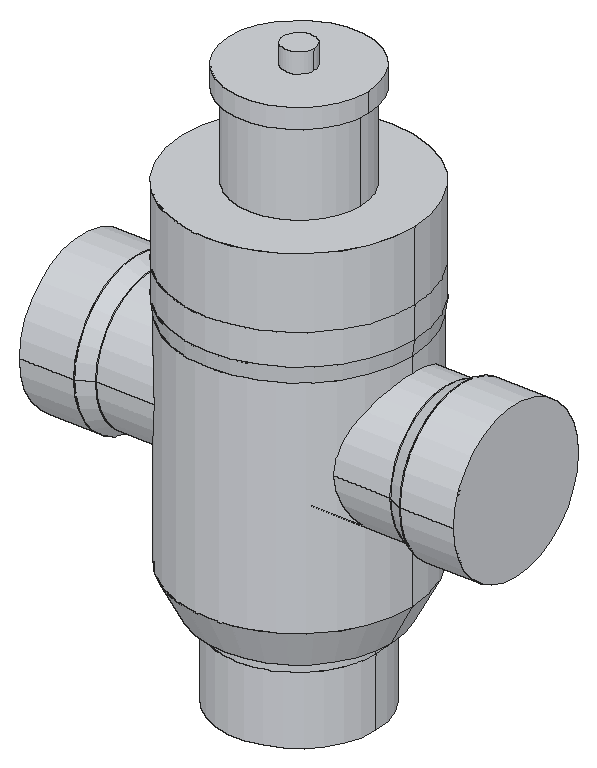
Revit family "VMX21P_DN20_PN16_RFA_2019", category Pipe Accessories, Revit 2019
Family settings
  Round Connector Dimension = Use Diameter
  Part Type = Valve - Breaks Into
  Work Plane-Based = No
  Always vertical = Yes
  Cut with Voids When Loaded = No
  Shared = No
Parameters (values of type "VMX21P G3/4  PN16 kvs2,5")
  magiProductId = ""
  magiProductFamilyId = ""
  magiPartTypeId = 320
  isMeasuringValve [instance] = no
  ang2D [instance] = 0.00°
  Z9 = 8.8 mm
  Z8 = 4 mm
  Z7__ve = -Z7  # -2.5 mm
  Z7 = 2.5 mm
  Z6 = 8.45 mm
  Z5 = 9.1 mm
  Z3 = 2 mm
  Z2 = 6.8 mm
  Z1 = 5.1 mm
  X4__ve = -X4  # -7 mm
  X4 = 7 mm
  X3 = 38 mm
  X1 = 5.6 mm
  W2D = 20 mm
  VersionID = ""
  Use Minimum Symbol Size [instance] = no
  URL = "www.hydronix.cz"
  Type Comments = "Závitový, vnější závit, ploché těsnění; LIN charakteristika; PN16; +5~+95°C; max.rychlost proudění 3,0 m/s"
  TL = 56 mm
  R9 = 9 mm
  R8 = 2 mm
  R7 = 15 mm
  R6 = 12 mm
  R5 = 11.29 mm
  R4 = 9.408 mm
  R3 = 10 mm
  R2 = 14.7 mm
  R10 = 8 mm
  R1 = 9 mm
  QmdConnectorList = "301;D;302;D;303;D"
  Productdata [instance] = ""
  Manufacturer = "Hydronix"
  MT = 1
  MC Product Code = "VMX21P (G3/4\"; dpmax=150kPa; kvs 2,5)"
  MC = yes
  LT2 = 21 mm
  L2D_Min = 30.48 mm
  L2D = 42 mm
  L = 42 mm
  H1 = 29 mm
  H = 26 mm
  E = 16 mm
  Description = "3 cestný regulační ventil malých spotřebičů, DN20; zdvih 2,5mm; max dp 150kPa; kvs2,5"
  DT2 = 10 mm
  D = 20 mm
  CS = no
  CAT0 = yes
  CAT = no
  C = 34 mm
  Assembly Code = ""
Types (8, lengths in mm): name | Z9 | Z6 | Z5 | Z2 | Z1 | X3 | X1 | W2D | TL | R6 | R5 | R4 | R3 | R2 | R1 | MC Product Code | LT2 | L2D | L | H1 | H | Description | DT2 | D | C
  VMX09P G1/2  PN16 kvs0,25 | 7 | 8.775 | 9.45 | 5 | 3.75 | 34 | 5.2 | 15 | 52 | 9 | 10.214 | 8.512 | 7.5 | 13.3 | 6.75 | "VMX09P (G1/2\"; dpmax=250kPa; kvs 0,25)" | 19 | 38 | 38 | 23.8 | 27 | "3 cestný regulační ventil malých spotřebičů, DN15; zdvih 2,5mm; max dp 250kPa; kvs0,25" | 7.5 | 15 | 25
  VMX10P G1/2  PN16 kvs0,4 | 7 | 8.775 | 9.45 | 5 | 3.75 | 34 | 5.2 | 15 | 52 | 9 | 10.214 | 8.512 | 7.5 | 13.3 | 6.75 | "VMX10P (G1/2\"; dpmax=250kPa; kvs 0,4)" | 19 | 38 | 38 | 23.8 | 27 | "3 cestný regulační ventil malých spotřebičů, DN15; zdvih 2,5mm; max dp 250kPa; kvs0,4" | 7.5 | 15 | 25
  VMX11P G1/2  PN16 kvs0,6 | 7 | 8.775 | 9.45 | 5 | 3.75 | 34 | 5.2 | 15 | 52 | 9 | 10.214 | 8.512 | 7.5 | 13.3 | 6.75 | "VMX11P (G1/2\"; dpmax=250kPa; kvs 0,6)" | 19 | 38 | 38 | 23.8 | 27 | "3 cestný regulační ventil malých spotřebičů, DN15; zdvih 2,5mm; max dp 250kPa; kvs0,6" | 7.5 | 15 | 25
  VMX12P G1/2  PN16 kvs1,0 | 7 | 8.775 | 9.45 | 5 | 3.75 | 34 | 5.2 | 15 | 52 | 9 | 10.214 | 8.512 | 7.5 | 13.3 | 6.75 | "VMX12P (G1/2\"; dpmax=250kPa; kvs 1,0)" | 19 | 38 | 38 | 23.8 | 27 | "3 cestný regulační ventil malých spotřebičů, DN15; zdvih 2,5mm; max dp 250kPa; kvs1,0" | 7.5 | 15 | 25
  VMX13P G1/2  PN16 kvs1,6 | 7 | 8.775 | 9.45 | 5 | 3.75 | 34 | 5.2 | 15 | 52 | 9 | 10.214 | 8.512 | 7.5 | 13.3 | 6.75 | "VMX13P (G1/2\"; dpmax=250kPa; kvs 1,6)" | 19 | 38 | 38 | 23.8 | 27 | "3 cestný regulační ventil malých spotřebičů, DN15; zdvih 2,5mm; max dp 250kPa; kvs1,6" | 7.5 | 15 | 25
  VMX21P G3/4  PN16 kvs2,5 | 8.8 | 8.45 | 9.1 | 6.8 | 5.1 | 38 | 5.6 | 20 | 56 | 12 | 11.29 | 9.408 | 10 | 14.7 | 9 | "VMX21P (G3/4\"; dpmax=150kPa; kvs 2,5)" | 21 | 42 | 42 | 29 | 26 | "3 cestný regulační ventil malých spotřebičů, DN20; zdvih 2,5mm; max dp 150kPa; kvs2,5" | 10 | 20 | 34
  VMX24P G3/4  PN16 kvs4,0 | 8.8 | 8.45 | 9.1 | 6.8 | 5.1 | 38 | 5.6 | 20 | 56 | 12 | 11.29 | 9.408 | 10 | 14.7 | 9 | "VMX24P (G3/4\";  dpmax A-AB=100kPa;  dpmax B-AB=40kPa;  kvs 4,0)" | 21 | 42 | 42 | 29 | 26 | "3 cestný regulační ventil malých spotřebičů, DN20; zdvih 2,5mm; max dp A-AB 100kPa; max dp B-AB 40kPa; kvs4,0" | 10 | 20 | 34
  VMX26P G3/4  PN16 kvs6,0 | 8.8 | 8.45 | 9.1 | 6.8 | 5.1 | 38 | 5.6 | 20 | 56 | 12 | 11.29 | 9.408 | 10 | 14.7 | 9 | "VMX26P (G3/4\";  dpmax A-AB=100kPa;  dpmax B-AB=40kPa;  kvs 6,0)" | 21 | 42 | 42 | 29 | 26 | "3 cestný regulační ventil malých spotřebičů, DN20; zdvih 2,5mm; max dp A-AB 100kPa; max dp B-AB 40kPa; kvs6,0" | 10 | 20 | 34
Reference planes
  plane 1 "Center (Front/Back)": y = 0
  plane 2 "XYPLANE": z = 0
  plane 3 "Center (Left/Right)": x = 0
  plane 4 "271": z = 37
  plane 5 "254": z = 10.9
  plane 6 "253": z = 16.9
  plane 7 "148": z = 39.5
  plane 8 "132": z = 42
  plane 9 "62": z = 12.9
  plane 10 "53": z = 26
  plane 11 "52": z = -18.1
  plane 12 "48": z = -23.2
  plane 13 "47": z = -25.2
  plane 14 "38": z = -32
  plane 15 "37": x = 19
  plane 16 "36": x = 21
  plane 17 "23": z = -34
  plane 18 "19": x = -19
  plane 19 "15": x = -21
  plane 20 "6": x = 28
  plane 21 "5": x = -28
  plane 22 "3": z = 0
  plane 23 "2": y = 0
  plane 24 "1": x = 0
Forms (mm)
  Extrusion 1, solid
    sketch origin (-750, 0, -34) x (1, 0, 0) y (0, 1, 0)
      loop
        circle (750, 0) r 10
    from 0 to 8.8 <- "Z9"
  Extrusion 2, solid, visible <- "CAT0"
    sketch origin (-750, 0, 42) x (1, 0, 0) y (0, 1, 0)
      loop
        circle (750, 0) r 2
    from 0 to -2.5 <- "Z7__ve"
  Extrusion 3, solid, visible <- "CAT0"
    sketch origin (-750, 0, 37) x (1, 0, 0) y (0, 1, 0)
      loop
        circle (750, 0) r 8
    from 0 to -19
  Extrusion 4, solid, visible <- "CAT0"
    sketch origin (-19, -750, 0) x (0, 1, 0) y (0, 0, 1)
      loop
        circle (750, 0) r 9
    from 0 to 38 <- "X3"
  Extrusion 5, solid
    sketch origin (-750, 0, 12.9) x (1, 0, 0) y (0, 1, 0)
      loop
        circle (750, 0) r 15
    from 0 to 4 <- "Z8"
  Extrusion 6, solid
    sketch origin (-750, 0, 39.5) x (1, 0, 0) y (0, 1, 0)
      loop
        circle (750, 0) r 9
    from 0 to -2.5 <- "Z7__ve"
  Extrusion 7, solid
    sketch origin (-750, 0, 16.9) x (1, 0, 0) y (0, 1, 0)
      loop
        circle (750, 0) r 15
    from 0 to 9.1 <- "Z5"
  Blend 8, solid
    base sketch origin (-750, 0, 10.9) x (1, 0, 0) y (0, 1, 0)
      loop
        circle (750, 0) r 14.7
    top sketch origin (-750, 0, 10.9) x (1, 0, 0) y (0, 1, 0)
      loop
        circle (750, 0) r 15
    from 0 to 2
  Blend 9, solid
    base sketch origin (-750, 0, -18.1) x (1, 0, 0) y (0, 1, 0)
      loop
        circle (750, 0) r 14.7
    top sketch origin (-750, 0, -18.1) x (1, 0, 0) y (0, 1, 0)
      loop
        circle (750, 0) r 12
    from 0 to -5.1
  Extrusion 10, solid
    sketch origin (-750, 0, -25.2) x (1, 0, 0) y (0, 1, 0)
      loop
        circle (750, 0) r 10
    from 0 to 2 <- "Z3"
  Extrusion 11, solid
    sketch origin (28, -750, 0) x (0, 1, 0) y (0, 0, 1)
      loop
        circle (750, 0) r 10
    from 0 to -7 <- "X4__ve"
  Blend 12, solid
    base sketch origin (21, -750, 0) x (0, 1, 0) y (0, 0, 1)
      loop
        circle (750, 0) r 10
    top sketch origin (21, -750, 0) x (0, 1, 0) y (0, 0, 1)
      loop
        circle (750, 0) r 9
    from 0 to -2
  Extrusion 13, solid
    sketch origin (-750, 0, -18.1) x (1, 0, 0) y (0, 1, 0)
      loop
        circle (750, 0) r 14.7
    from 0 to 29 <- "H1"
  Blend 14, solid
    base sketch origin (-21, -750, 0) x (0, 1, 0) y (0, 0, 1)
      loop
        circle (750, 0) r 10
    top sketch origin (-21, -750, 0) x (0, 1, 0) y (0, 0, 1)
      loop
        circle (750, 0) r 9
    from 0 to 2
  Extrusion 15, solid
    sketch origin (-28, -750, 0) x (0, 1, 0) y (0, 0, 1)
      loop
        circle (750, 0) r 10
    from 0 to 7 <- "X4"
  Extrusion 16, solid, not visible
    sketch origin (-750, 0, -25.2) x (1, 0, 0) y (0, 1, 0)
      loop
        circle (750, 0) r 10
    from 0 to 10
  Extrusion 17, solid, not visible
    sketch origin (21, -750, 0) x (0, 1, 0) y (0, 0, 1)
      loop
        circle (750, 0) r 10
    from 0 to -10
  Extrusion 18, solid, not visible
    sketch origin (-21, -750, 0) x (0, 1, 0) y (0, 0, 1)
      loop
        circle (750, 0) r 10
    from 0 to 10
Lines and regions (mm)
  reference lines, not visible
    curve 1: circle (2, 2, 0) r 1 normal (0, 0, 1)
Dimensions and locks
  plane 1 "Center (Front/Back)" to curve 1 = 2 mm
  "Z7": plane 7 "148" to plane 4 "271"
  "Z3": plane 9 "62" to plane 5 "254"
  "Z5": plane 10 "53" to plane 6 "253"
  "Z7": plane 8 "132" to plane 7 "148"
  "E": plane 10 "53" to plane 8 "132"
  "Z8": plane 6 "253" to plane 9 "62"
  "H": plane 2 "XYPLANE" to plane 10 "53"
  "Z1": plane 12 "48" to plane 11 "52"
  "Z3": plane 13 "47" to plane 12 "48"
  "Z2": plane 14 "38" to plane 13 "47"
  "Z3": plane 17 "23" to plane 14 "38"
  locked: plane 16 "36" to plane 15 "37" at 2
  "LT2": plane 3 "Center (Left/Right)" to plane 16 "36"
  "C": plane 2 "XYPLANE" to plane 17 "23"
  locked: plane 19 "15" to plane 18 "19" at 2
  "LT2": plane 3 "Center (Left/Right)" to plane 19 "15"
  "X4": plane 16 "36" to plane 20 "6"
  "X4": plane 19 "15" to plane 21 "5"
  locked: plane 2 "XYPLANE" to plane 22 "3"
  locked: plane 1 "Center (Front/Back)" to plane 23 "2"
  locked: plane 3 "Center (Left/Right)" to plane 24 "1"
  "DT2": radius of Extrusion 1 sketch curve
  "R8": radius of Extrusion 2 sketch curve
  "R10": radius of Extrusion 3 sketch curve
  "R1": radius of Extrusion 4 sketch curve
  "R7": radius of Extrusion 5 sketch curve
  "R9": radius of Extrusion 6 sketch curve
  "R7": radius of Extrusion 7 sketch curve
  "R7": radius of Blend 8 sketch curve
  "R2": radius of Blend 8 sketch curve
  "R6": radius of Blend 9 sketch curve
  "R2": radius of Blend 9 sketch curve
  "DT2": radius of Extrusion 10 sketch curve
  "DT2": radius of Extrusion 11 sketch curve
  "R1": radius of Blend 12 sketch curve
  "DT2": radius of Blend 12 sketch curve
  "R2": radius of Extrusion 13 sketch curve
  "R1": radius of Blend 14 sketch curve
  "DT2": radius of Blend 14 sketch curve
  "DT2": radius of Extrusion 15 sketch curve
  aligned and locked: level to plane 2 "XYPLANE"
  aligned and locked: plane 23 "2" to Extrusion 1 sketch curve
  aligned and locked: plane 24 "1" to Extrusion 1 sketch curve
  aligned and locked: plane 23 "2" to Extrusion 2 sketch curve
  aligned and locked: plane 24 "1" to Extrusion 2 sketch curve
  aligned and locked: plane 23 "2" to Extrusion 3 sketch curve
  aligned and locked: plane 24 "1" to Extrusion 3 sketch curve
  aligned and locked: plane 22 "3" to Extrusion 4 sketch curve
  aligned and locked: Extrusion 4 sketch curve to plane 23 "2"
  aligned and locked: plane 23 "2" to Extrusion 5 sketch curve
  aligned and locked: plane 24 "1" to Extrusion 5 sketch curve
  aligned and locked: plane 23 "2" to Extrusion 6 sketch curve
  aligned and locked: plane 24 "1" to Extrusion 6 sketch curve
  aligned and locked: plane 23 "2" to Extrusion 7 sketch curve
  aligned and locked: plane 24 "1" to Extrusion 7 sketch curve
  aligned and locked: plane 23 "2" to Blend 8 sketch curve  (x2)
  aligned and locked: plane 24 "1" to Blend 8 sketch curve  (x2)
  aligned and locked: plane 9 "62" to Blend 8
  aligned and locked: plane 23 "2" to Blend 9 sketch curve  (x2)
  aligned and locked: plane 24 "1" to Blend 9 sketch curve  (x2)
  aligned and locked: Blend 9 to plane 12 "48"
  aligned and locked: plane 23 "2" to Extrusion 10 sketch curve
  aligned and locked: plane 24 "1" to Extrusion 10 sketch curve
  aligned and locked: plane 22 "3" to Extrusion 11 sketch curve
  aligned and locked: Extrusion 11 sketch curve to plane 23 "2"
  aligned and locked: plane 22 "3" to Blend 12 sketch curve  (x2)
  aligned and locked: Blend 12 sketch curve to plane 23 "2"  (x2)
  aligned and locked: Blend 12 to plane 15 "37"
  aligned and locked: plane 23 "2" to Extrusion 13 sketch curve
  aligned and locked: plane 24 "1" to Extrusion 13 sketch curve
  aligned and locked: plane 22 "3" to Blend 14 sketch curve  (x2)
  aligned and locked: Blend 14 sketch curve to plane 23 "2"  (x2)
  aligned and locked: plane 18 "19" to Blend 14
  aligned and locked: plane 22 "3" to Extrusion 15 sketch curve
  aligned and locked: Extrusion 15 sketch curve to plane 23 "2"
  aligned and locked: plane 23 "2" to Extrusion 16 sketch curve
  aligned and locked: plane 24 "1" to Extrusion 16 sketch curve
  aligned and locked: plane 22 "3" to Extrusion 17 sketch curve
  aligned and locked: Extrusion 17 sketch curve to plane 23 "2"
  aligned and locked: plane 22 "3" to Extrusion 18 sketch curve
  aligned and locked: Extrusion 18 sketch curve to plane 23 "2"
Automatic sketch dimensions
  plane 1 "Center (Front/Back)" to Extrusion 16 sketch curve = 10 mm
  plane 1 "Center (Front/Back)" to Extrusion 17 sketch curve = 10 mm
  plane 1 "Center (Front/Back)" to Extrusion 18 sketch curve = 10 mm
  plane 3 "Center (Left/Right)" to curve 1 = 2 mm
  radius of curve 1 = 1 mm
Connectors
  piping at (-21, 0, 0), diameter 20, driven by "D"
    settings: on Extrusion 18, index 1, connector inside diameter 609.6 mm, connector length 0 mm, flow factor 0, pipe flow 0.0 L/s, pressure drop 0.0 Pa, fitting loss kfactor 0, connector angle 0.00°, fixture units 0, engagement length 0 mm, angle of deflection 0.00°, flow configuration 0, flow direction 0, fitting loss method 0, system type 29, joint type 0, gender type 0, connector reference index -1, connector utility 0, adjustable connector yes, is connector primary yes, connector description ""
  piping at (21, 0, 0), diameter 20, driven by "D"
    settings: on Extrusion 17, index 2, connector inside diameter 609.6 mm, connector length 0 mm, flow factor 0, pipe flow 0.0 L/s, pressure drop 0.0 Pa, fitting loss kfactor 0, connector angle 0.00°, fixture units 0, engagement length 0 mm, angle of deflection 0.00°, flow configuration 0, flow direction 0, fitting loss method 0, system type 29, joint type 0, gender type 0, connector reference index -1, connector utility 0, adjustable connector yes, is connector primary no, connector description ""
  piping at (0, 0, -25.2), diameter 20, driven by "D"
    settings: on Extrusion 16, index 3, connector inside diameter 609.6 mm, connector length 0 mm, flow factor 0, pipe flow 0.0 L/s, pressure drop 0.0 Pa, fitting loss kfactor 0, connector angle 0.00°, fixture units 0, engagement length 0 mm, angle of deflection 0.00°, flow configuration 0, flow direction 0, fitting loss method 0, system type 29, joint type 0, gender type 0, connector reference index -1, connector utility 0, adjustable connector yes, is connector primary no, connector description ""
